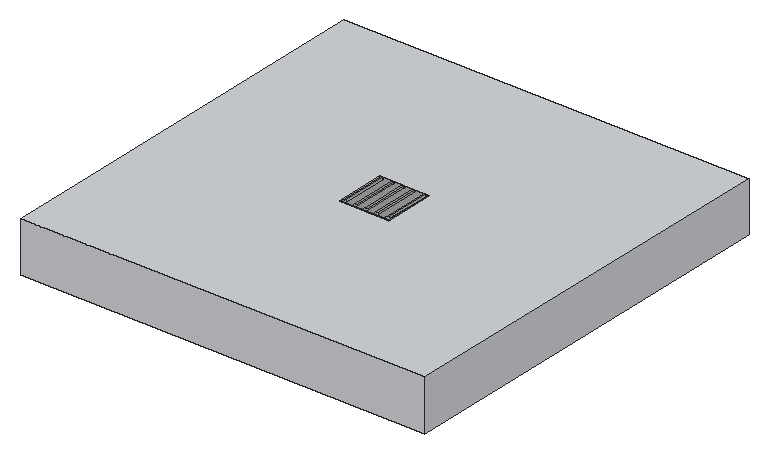
Revit family "Тактильная полиуретановая плитка прямы полосы", category Оборудование, Revit 2017
Family settings
  Основа = Грань
  Размер круглого соединителя = Использовать диаметр
  Тип детали = Нормальный
  При загрузке вырезать с полостями = Да
  Общий = Да
  Точка расчета площади = Нет
Parameters (values of type "Тактильная плитка полиуретан_Желтая")
  Стоимость = 742
  Применение = "Улица/Помещение"
  Default Elevation = 0 mm
  Описание = "Тактильная ПУ плитка с рельефными прямыми полосами используется для информирования о безопасном пути движения людей с ограничениями зрения. Желтый цвет является отличным контрастом к темной поверхности, что рекомендовано государственными стандартами. Тактильная ПУ плитка является устойчивой к перепадам температур и обладает высокими прочностными характеристиками, поэтому может монтироваться даже на улице. Особенность данного вида ПУ плитки - самоклеящаяся поверхность, что значительно упрощает монтаж."
  Изготовитель = "ТИФЛОЦЕНТР «ВЕРТИКАЛЬ»"
  URL = "http://tiflocentre.ru/magazin/view_product.php?cat=1&podcat=2&id=212"
  ADSK_Тип рифов = "Рельефные полосы"
  ADSK_Размер_Ширина = 300 mm
  ADSK_Размер_Толщина = 2 mm
  ADSK_Размер_Длина = 300 mm
  ADSK_Размер_Габариты = "300Х300"
  ADSK_Размер_Высота рифа = 5 mm
  ADSK_Наименование = "Тактильная плитка полиуретан с прямыми рельефными полосами (самоклеящаяся)"
  ADSK_Материал плитки = Вертикаль_Полиуретан_Желтый
  ADSK_Материал наименование = "Полиуретан, цвет желтый"
  ADSK_Код изделия = "10130-1-ZH"
Types (3, lengths in mm): name | Описание | URL | ADSK_Материал плитки | ADSK_Материал наименование | ADSK_Код изделия
  (no name) | "Тактильная ПУ плитка с рельефными прямыми полосами используется для информирования о безопасном пути движения людей с ограничениями зрения. Желтый цвет является отличным контрастом к темной поверхности, что рекомендовано государственными стандартами. Тактильная ПУ плитка является устойчивой к перепадам температур и обладает высокими прочностными характеристиками, поэтому может монтироваться даже на улице. Особенность данного вида ПУ плитки - самоклеящаяся поверхность, что значительно упрощает монтаж." | "http://tiflocentre.ru/magazin/view_product.php?cat=1&podcat=2&id=212" | Вертикаль_Полиуретан_Желтый | "Полиуретан, цвет желтый" | "10130-1-ZH"
  Тактильная плитка полиуретан_Желтая | "Тактильная ПУ плитка с рельефными прямыми полосами используется для информирования о безопасном пути движения людей с ограничениями зрения. Желтый цвет является отличным контрастом к темной поверхности, что рекомендовано государственными стандартами. Тактильная ПУ плитка является устойчивой к перепадам температур и обладает высокими прочностными характеристиками, поэтому может монтироваться даже на улице. Особенность данного вида ПУ плитки - самоклеящаяся поверхность, что значительно упрощает монтаж." | "http://tiflocentre.ru/magazin/view_product.php?cat=1&podcat=2&id=212" | Вертикаль_Полиуретан_Желтый | "Полиуретан, цвет желтый" | "10130-1-ZH"
  Тактильная плитка полиуретановая_Черная | "Тактильная плитка ПУ с рельефными параллельными полосами информирует людей с ограничениями зрения о движении без преград. Черный цвет служит отличным контрастом к светлой поверхности, что особенно важно для слабовидящих людей. В этом случае желтая плитка будет менее эффективна. Благодаря своим высоким прочностным и устойчивым характеристикам, тактильную ПУ плитку можно монтировать не только в помещениях, но и на улице. При этом ее легко монтировать к поверхности, так как она самоклеящаяся. Достаточно лишь хорошо очистить поверхность. Наша тактильная ПУ плитка рекомендована к применению гос. программой \"Доступная среда\" и одобрена ВОС." | "http://tiflocentre.ru/magazin/view_product.php?id=211" | Вертикаль_Полиуретан_Черный | "Полиуретан, цвет черный" | "10130-1-CH"
Reference planes
  plane 1 "По центру (Вперед/Назад)": y = 0
  plane 2: z = 0
  plane 3 "По центру (Влево/Вправо)": x = 0
  plane 4: x = -150
  plane 5: x = 150
  plane 6: y = -150
  plane 7: y = 150
  plane 8: z = 2
Forms (mm)
  Extrusion 1, solid
    sketch origin (0, 0, 0) x (1, 0, 0) y (0, 1, 0)
      loop
        line (-1219.2, 1219.2) -> (-1219.2, -1219.2) -> (1219.2, -1219.2) -> (1219.2, 1219.2) -> (-1219.2, 1219.2)
    from 0 to -304.8
  Extrusion 2, solid, material "Вертикаль_Полиуретан_Желтый" <- "ADSK_Материал плитки"
    sketch origin (0, 0, 0) x (1, 0, 0) y (0, 1, 0)
      loop
        line (-150, 150) -> (-150, -150) -> (150, -150) -> (150, 150) -> (-150, 150)
    from 0 to 2
Dimensions and locks
  equal spacing: plane 7, plane 1 "По центру (Вперед/Назад)", plane 6
  equal spacing: plane 4, plane 3 "По центру (Влево/Вправо)", plane 5
  "ADSK_Размер_Ширина": plane 4 to plane 5
  "ADSK_Размер_Длина": plane 7 to plane 6
  "ADSK_Размер_Толщина": plane 8 to level
  plane 8 to level = 2 mm
  aligned and locked: plane 2 to Extrusion 1
  aligned and locked: level to Extrusion 1
  aligned and locked: plane 4 to Extrusion 2 sketch curve
  aligned and locked: Extrusion 2 sketch curve to plane 7
  aligned and locked: Extrusion 2 sketch curve to plane 5
  aligned and locked: plane 6 to Extrusion 2 sketch curve
  aligned and locked: Extrusion 2 to level
  aligned and locked: Extrusion 2 to Extrusion 1
  aligned and locked: plane 8 to Extrusion 2
Automatic sketch dimensions
  Extrusion 1 sketch curve to Extrusion 1 sketch curve = 2438.4 mm  (x2)
Nested families
  nested 1: "Риф_полоса" at (-130, -145, 2) x (0, 1, 0) z (0, 0, 1), Материал <- "ADSK_Материал плитки", built-in parameter 1001364 <- "ADSK_Размер_Толщина", type "Риф_полоса"
    with Ширина 20 mm, Материал Вертикаль_Полиуретан_Желтый, Длина 290 mm, Высота 5 mm, r1 10 mm
  nested 2: "Риф_полоса" at (-65, -145, 2) x (0, 1, 0) z (0, 0, 1), Материал <- "ADSK_Материал плитки", built-in parameter 1001364 <- "ADSK_Размер_Толщина", type "Риф_полоса"
    with Ширина 20 mm, Материал Вертикаль_Полиуретан_Желтый, Длина 290 mm, Высота 5 mm, r1 10 mm
  nested 3: "Риф_полоса" at (65, -145, 2) x (0, 1, 0) z (0, 0, 1), Материал <- "ADSK_Материал плитки", built-in parameter 1001364 <- "ADSK_Размер_Толщина", type "Риф_полоса"
    with Ширина 20 mm, Материал Вертикаль_Полиуретан_Желтый, Длина 290 mm, Высота 5 mm, r1 10 mm
  nested 4: "Риф_полоса" at (130, -145, 2) x (0, 1, 0) z (0, 0, 1), Материал <- "ADSK_Материал плитки", built-in parameter 1001364 <- "ADSK_Размер_Толщина", type "Риф_полоса"
    with Ширина 20 mm, Материал Вертикаль_Полиуретан_Желтый, Длина 290 mm, Высота 5 mm, r1 10 mm
  nested 5: "Риф_полоса" at (0, -145, 2) x (0, 1, 0) z (0, 0, 1), Материал <- "ADSK_Материал плитки", built-in parameter 1001364 <- "ADSK_Размер_Толщина", type "Риф_полоса"
    with Ширина 20 mm, Материал Вертикаль_Полиуретан_Желтый, Длина 290 mm, Высота 5 mm, r1 10 mm
Definition of nested family "Риф_полоса"
  Parameters (values of type "Риф_полоса")
    Ширина [instance] = 20 mm
    Материал [instance] = none
    Длина [instance] = 1082.7 mm
    Высота [instance] = 5 mm
    Вершина = 4 mm
    r1 [instance] = Ширина / 2  # 10 mm
  Reference planes
    plane 1 "По центру (Вперед/Назад)": y = 0
    plane 2: z = 0
    plane 3 "По центру (Влево/Вправо)": x = 0
    plane 4: x = 1082.7
    plane 5: y = 10
    plane 6: y = -10
    plane 7: x = 10
    plane 8: x = 1072.7
    plane 9: z = 5
  Forms (mm)
    Blend 1, solid, material <- "Материал"
      base sketch origin (0, 0, 0) x (1, 0, 0) y (0, 1, 0)
        loop
          line (10, -10) -> (1072.7, -10)
          arc (1072.7, -10) -> (1082.7, 0) -> (1072.7, 10) r 10
          line (1072.7, 10) -> (10, 10)
          arc (10, 10) -> (0, 0) -> (10, -10) r 10
      top sketch origin (0, 0, 0) x (1, 0, 0) y (0, 1, 0)
        loop
          line (1072.7, 6) -> (10, 6)
          arc (10, 6) -> (4, 0) -> (10, -6) r 6
          line (10, -6) -> (1072.7, -6)
          arc (1072.7, -6) -> (1078.7, 0) -> (1072.7, 6) r 6
      from 0 to 5
  Dimensions and locks
    "Длина": plane 3 "По центру (Влево/Вправо)" to plane 4
    equal spacing: plane 5, plane 1 "По центру (Вперед/Назад)", plane 6
    "Ширина": plane 5 to plane 6
    "r1": plane 3 "По центру (Влево/Вправо)" to plane 7
    "r1": plane 8 to plane 4
    "Вершина": plane 5 to Blend 1 sketch curve
    "Вершина": Blend 1 sketch curve to plane 6
    "Высота": level to plane 9
    aligned and locked: level to plane 2
    aligned and locked: Blend 1 sketch curve to plane 6
    aligned and locked: Blend 1 sketch curve to plane 5
    aligned and locked: plane 8 to Blend 1 sketch curve  (x2)
    aligned and locked: plane 7 to Blend 1 sketch curve  (x2)
    aligned and locked: Blend 1 to plane 9
